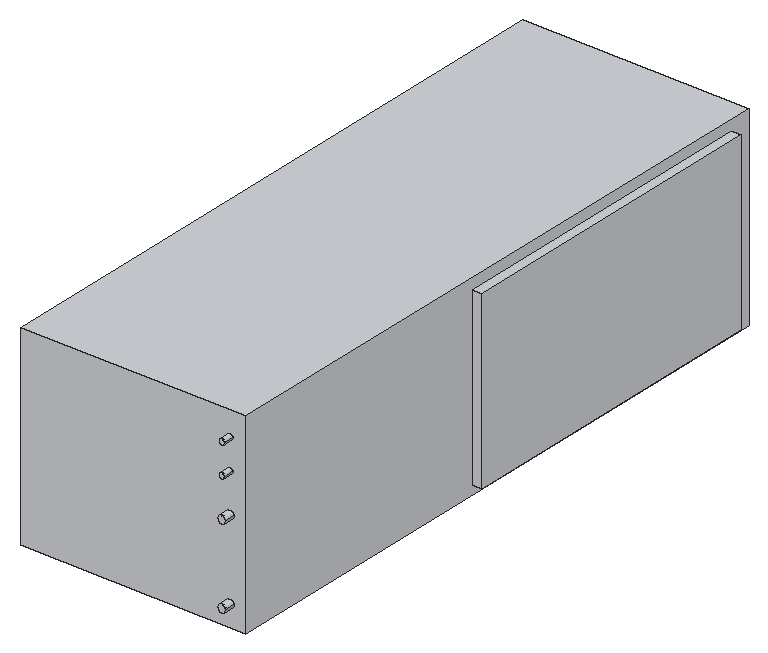
Revit family "0320ab364cc34272a7d991650b26869b", category Mechanical Equipment, Revit 2021
Family settings
  Round Connector Dimension = Use Radius
  Part Type = Normal
  OmniClass Number = 23.75.10.21.17
  OmniClass Title = Water-Source Heat Pumps
  Seek Item ID = WSHP - Horizontal - High Efficiency - 2-5 Tons - Right Return - Left Discharge-0000-USA-ENU
  Work Plane-Based = No
  Always vertical = Yes
  Cut with Voids When Loaded = No
  Shared = No
  Room Calculation Point = No
Parameters (values of type "2 Tons")
  Water Supply Radius = 3/8"
  Water Supply Diameter = Water Supply Radius * 2  # 3/4"
  Water Return Radius = 3/8"
  Water Return Diameter = Water Return Radius * 2  # 3/4"
  Water Pressure Drop [instance] = 3.50 psi
  Water Flow [instance] = 8 GPM
  Voltage = 208 V
  Supply Air Width = 15 1/2"
  Supply Air Height = 12 1/2"
  Return Air Height = 17 77/256"
  Return Air Width = 32 13/128"
  Pump Width = 5' - 2 51/256"
  Pump Material = none
  Pump Length = 1' - 10 51/128"
  Pump Height = 1' - 7 77/256"
  Number of Poles = 3
  Load Classification = Cooling
  Hot Water Supply Radius = 1/4"
  Hot Water Supply Diameter = Hot Water Supply Radius * 2  # 1/2"
  Hot Water Return Radius = 1/4"
  Hot Water Return Diameter = Hot Water Return Radius * 2  # 1/2"
  Hot Water Flow [instance] = 5 GPM
  Drain Flow [instance] = 0 GPM
  Default Elevation = 0' - 0"
  Condensate Radius = 3/8"
  Condensate Diameter = Condensate Radius * 2  # 3/4"
  C6 Offset 1 = 0' - 2 51/256"
  C5 Offset 2 = 0' - 3 77/128"
  C5 Offset 1 = 0' - 2"
  C4 Offset 1 = 1' - 1 115/128"
  C3 Offset 1 = 1' - 4 115/128"
  C2 Offset 1 = 0' - 10"
  C1 Offset 1 = 0' - 2 13/128"
  Apparent Load = 3952 VA
  External Static Pressure [instance] = 0.60 in-wg
  Air Flow [instance] = 800 CFM
Types (5): name | Water Supply Radius | Water Supply Diameter | Water Return Radius | Water Return Diameter | Water Pressure Drop | Water Flow | Supply Air Width | Supply Air Height | Return Air Height | Return Air Width | Pump Width | Pump Length | Pump Height | Hot Water Flow | C5 Offset 2 | C5 Offset 1 | C4 Offset 1 | C3 Offset 1 | C2 Offset 1 | C1 Offset 1 | Apparent Load | External Static Pressure | Air Flow
  (no name) | 3/8" | 3/4" | 3/8" | 3/4" | 3.50 psi | 8 GPM | 15 1/2" | 12 1/2" | 17 77/256" | 32 13/128" | 5' - 2 51/256" | 1' - 10 51/128" | 1' - 7 77/256" | 5 GPM | 0' - 3 77/128" | 0' - 2" | 1' - 1 115/128" | 1' - 4 115/128" | 0' - 10" | 0' - 2 13/128" | 3952 VA | 0.60 in-wg | 800 CFM
  2 Tons | 3/8" | 3/4" | 3/8" | 3/4" | 3.50 psi | 8 GPM | 15 1/2" | 12 1/2" | 17 77/256" | 32 13/128" | 5' - 2 51/256" | 1' - 10 51/128" | 1' - 7 77/256" | 5 GPM | 0' - 3 77/128" | 0' - 2" | 1' - 1 115/128" | 1' - 4 115/128" | 0' - 10" | 0' - 2 13/128" | 3952 VA | 0.60 in-wg | 800 CFM
  3 Tons | 3/8" | 3/4" | 3/8" | 3/4" | 4.50 psi | 9 GPM | 17 1/2" | 19" | 19 77/256" | 36 13/128" | 5' - 11 51/256" | 2' - 1 51/128" | 1' - 9 77/256" | 8 GPM | 0' - 3 13/128" | 0' - 1" | 1' - 2 77/128" | 1' - 6 115/128" | 0' - 10 205/256" | 0' - 5 123/128" | 5283 VA | 0.60 in-wg | 1200 CFM
  4 Tons | 1/2" | 1" | 1/2" | 1" | 3.60 psi | 12 GPM | 17 1/2" | 19" | 19 77/256" | 41 13/128" | 6' - 4 51/256" | 2' - 1 51/128" | 1' - 9 77/256" | 10 GPM | 0' - 3 13/128" | 0' - 1" | 1' - 3 77/128" | 1' - 6 115/128" | 0' - 10 205/256" | 0' - 5 123/128" | 6780 VA | 0.80 in-wg | 1600 CFM
  5 Tons | 1/2" | 1" | 1/2" | 1" | 3.60 psi | 15 GPM | 17 1/2" | 19" | 19 77/256" | 46 13/128" | 6' - 9 51/256" | 2' - 1 51/128" | 1' - 9 77/256" | 13 GPM | 0' - 3 13/128" | 0' - 1" | 1' - 3 77/128" | 1' - 6 115/128" | 0' - 10 205/256" | 0' - 5 123/128" | 7696 VA | 0.80 in-wg | 2000 CFM
Reference planes (in)
  plane 1 "Center (Front/Back)": y = 0
  plane 2: z = 0
  plane 3 "Center (Left/Right)": x = 0
  plane 4: y = 62.19922
  plane 5: x = 22.39844
  plane 6: z = 19.30078
  plane 7: y = 60
  plane 8: y = 27.89844
  plane 9: z = 9.65039
  plane 10: z = 18.30078
  plane 11: z = 1
  plane 12: y = 63.19922
  plane 13: z = 3.4
  plane 14: z = 3.4
  plane 15: x = 20.14844
  plane 16: z = 14.30078
  plane 17: x = 1.6
  plane 18: x = 20.79844
  plane 19: z = 2.10156
  plane 20: z = 10
  plane 21: z = 13.89844
  plane 22: z = 16.89844
  plane 23: y = -1
  plane 24: x = 23.39844
  plane 25: y = 58.59766
  plane 26: y = 43.09766
  plane 27: z = 17.30078
  plane 28: z = 4.80078
  plane 29: x = -1
Forms (in)
  Extrusion 1, solid, material <- "Pump Material"
    sketch origin (0, 0, 0) x (1, 0, 0) y (0, 1, 0)
      loop
        line (0, 0) -> (22.39844, 0) -> (22.39844, 62.19922) -> (0, 62.19922) -> (0, 0)
    from 0 to 19.30078
  Extrusion 2, solid, material <- "Pump Material"
    sketch origin (0, 0, 0) x (1, 0, 0) y (0, 0, 1)
      loop
        circle (20.14844, 3.4) r 0.375
    from -63.19922 to -62.19922
  Extrusion 3, solid, material <- "Pump Material"
    sketch origin (0, 0, 0) x (1, 0, 0) y (0, 0, 1)
      loop
        circle (20.79844, 2.10156) r 0.375
    from 0 to 1
  Extrusion 4, solid, material <- "Pump Material"
    sketch origin (0, 0, 0) x (1, 0, 0) y (0, 0, 1)
      loop
        circle (20.79844, 10) r 0.375
    from 0 to 1
  Extrusion 5, solid, material <- "Pump Material"
    sketch origin (0, 0, 0) x (1, 0, 0) y (0, 0, 1)
      loop
        circle (20.79844, 13.89844) r 0.25
    from 0 to 1
  Extrusion 6, solid, material <- "Pump Material"
    sketch origin (0, 0, 0) x (1, 0, 0) y (0, 0, 1)
      loop
        circle (20.79844, 16.89844) r 0.25
    from 0 to 1
  Extrusion 7, solid, material <- "Pump Material"
    sketch origin (0, 0, 0) x (0, 1, 0) y (0, 0, 1)
      loop
        line (60, 18.30078) -> (27.89844, 18.30078) -> (27.89844, 1) -> (60, 1) -> (60, 18.30078)
    from 22.39844 to 23.39844
  Extrusion 8, solid, material <- "Pump Material"
    sketch origin (0, 0, 0) x (1, 0, 0) y (0, 0, 1)
      loop
        circle (1.6, 14.30078) r 1
    from -1 to 0
  Extrusion 9, solid, material <- "Pump Material"
    sketch origin (0, 0, 0) x (0, 1, 0) y (0, 0, 1)
      loop
        line (58.59766, 17.30078) -> (43.09766, 17.30078) -> (43.09766, 4.80078) -> (58.59766, 4.80078) -> (58.59766, 17.30078)
    from -1 to 0
  Extrusion 10, solid, material <- "Pump Material"
    sketch origin (0, 0, 0) x (1, 0, 0) y (0, 0, 1)
      loop
        circle (1.6, 14.30078) r 1
    from -1 to 0
Cuts and joins
  joined: Extrusion 1, Extrusion 2, Extrusion 3, Extrusion 4, Extrusion 5, Extrusion 6, Extrusion 7, Extrusion 8, Extrusion 9, Extrusion 10
Dimensions and locks (in)
  "Pump Width": plane 4 to plane 1 "Center (Front/Back)"
  "Pump Length": plane 3 "Center (Left/Right)" to plane 5
  "Pump Height": plane 6 to level
  "C6 Offset 1": plane 4 to plane 7
  "Return Air Width": plane 7 to plane 8
  equal spacing: plane 11, plane 9, plane 10
  locked: plane 12 to plane 4 at 1
  locked: plane 2 to plane 14 at 3.4
  locked: plane 5 to plane 15 at 2.25
  locked: plane 17 to plane 3 "Center (Left/Right)" at 1.6
  locked: plane 6 to plane 16 at 5
  locked: plane 18 to plane 5 at 1.6
  "C1 Offset 1": plane 19 to plane 2
  "C2 Offset 1": plane 20 to level
  "C4 Offset 1": plane 21 to level
  "C3 Offset 1": plane 22 to level
  locked: plane 23 to plane 1 "Center (Front/Back)" at 1
  locked: plane 5 to plane 24 at 1
  "C5 Offset 2": plane 4 to plane 25
  "Supply Air Width": plane 25 to plane 26
  "C5 Offset 1": plane 6 to plane 27
  "Supply Air Height": plane 27 to plane 28
  locked: plane 29 to plane 3 "Center (Left/Right)" at 1
  equal spacing: plane 6, plane 9, level
  "Return Air Height": plane 10 to plane 11
  "Condensate Radius": radius of Extrusion 2 sketch curve
  "Water Supply Radius": radius of Extrusion 3 sketch curve
  "Water Return Radius": radius of Extrusion 4 sketch curve
  "Hot Water Return Radius": radius of Extrusion 5 sketch curve
  "Hot Water Supply Radius": radius of Extrusion 6 sketch curve
  aligned and locked: plane 3 "Center (Left/Right)" to Extrusion 1 sketch curve
  aligned and locked: plane 1 "Center (Front/Back)" to Extrusion 1 sketch curve
  aligned and locked: plane 4 to Extrusion 1 sketch curve
  aligned and locked: plane 5 to Extrusion 1 sketch curve
  aligned and locked: plane 6 to Extrusion 1
  aligned and locked: Extrusion 1 to level
  aligned and locked: Extrusion 2 to plane 4
  aligned and locked: plane 14 to Extrusion 2 sketch curve
  aligned and locked: plane 15 to Extrusion 2 sketch curve
  aligned and locked: plane 19 to Extrusion 3 sketch curve
  aligned and locked: plane 18 to Extrusion 3 sketch curve
  aligned and locked: plane 18 to Extrusion 4 sketch curve
  aligned and locked: plane 20 to Extrusion 4 sketch curve
  aligned and locked: plane 18 to Extrusion 5 sketch curve
  aligned and locked: plane 21 to Extrusion 5 sketch curve
  aligned and locked: plane 18 to Extrusion 6 sketch curve
  aligned and locked: plane 22 to Extrusion 6 sketch curve
  aligned and locked: Extrusion 6 to plane 23
  aligned and locked: Extrusion 5 to Extrusion 6
  aligned and locked: Extrusion 4 to Extrusion 5
  aligned and locked: Extrusion 3 to Extrusion 4  (x2)
  aligned and locked: Extrusion 3 to plane 1 "Center (Front/Back)"
  aligned and locked: Extrusion 3 to Extrusion 1
  aligned and locked: Extrusion 6 to plane 1 "Center (Front/Back)"
  aligned and locked: plane 7 to Extrusion 7 sketch curve
  aligned and locked: plane 10 to Extrusion 7 sketch curve
  aligned and locked: plane 11 to Extrusion 7 sketch curve
  aligned and locked: plane 8 to Extrusion 7 sketch curve
  aligned and locked: plane 24 to Extrusion 7
  aligned and locked: Extrusion 7 to plane 5
  aligned and locked: plane 17 to Extrusion 8 sketch curve
  aligned and locked: plane 16 to Extrusion 8 sketch curve
  aligned and locked: plane 1 "Center (Front/Back)" to Extrusion 8
  aligned and locked: plane 25 to Extrusion 9 sketch curve
  aligned and locked: plane 27 to Extrusion 9 sketch curve
  aligned and locked: plane 28 to Extrusion 9 sketch curve
  aligned and locked: plane 26 to Extrusion 9 sketch curve
  aligned and locked: Extrusion 9 to plane 29
  aligned and locked: plane 3 "Center (Left/Right)" to Extrusion 9
  aligned and locked: plane 16 to Extrusion 10 sketch curve
  aligned and locked: plane 17 to Extrusion 10 sketch curve
  aligned and locked: plane 1 "Center (Front/Back)" to Extrusion 10
  aligned and locked: plane 12 to cut or joined group 1 (Extrusion 1, Extrusion 2, Extrusion 3, Extrusion 4, Extrusion 5, Extrusion 6, Extrusion 7, Extrusion 8, Extrusion 9, Extrusion 10)
Automatic sketch dimensions
  radius of Extrusion 8 sketch curve = 0' - 1"
  radius of Extrusion 10 sketch curve = 0' - 1"
Connectors (in)
  piping at (20.79844, -1, 2.10156), diameter 0.75, driven by "Water Supply Radius", driven by "Water Flow"
    settings: on Extrusion 3, index 1, connector inside diameter 3/4", connector length 0' - 0", flow factor 0, pipe flow 8 GPM, pressure drop 0.00 psi, fitting loss kfactor 0, connector angle 0.00°, fixture units 0, engagement length 0' - 0", angle of deflection 0.00°, flow configuration 1, flow direction 1, fitting loss method 4, system type 7, joint type 0, gender type 0, connector reference index 2, connector utility 0, adjustable connector no, is connector primary yes, connector description "Water Supply In"
  piping at (20.79844, -1, 10), diameter 0.75, driven by "Water Return Radius", driven by "Water Flow", driven by "Water Pressure Drop"
    settings: on Extrusion 4, index 2, connector inside diameter 3/4", connector length 0' - 0", flow factor 0, pipe flow 8 GPM, pressure drop 3.50 psi, fitting loss kfactor 0, connector angle 0.00°, fixture units 0, engagement length 0' - 0", angle of deflection 0.00°, flow configuration 1, flow direction 2, fitting loss method 4, system type 8, joint type 0, gender type 0, connector reference index 1, connector utility 0, adjustable connector no, is connector primary no, connector description "Water Return Out"
  piping at (20.79844, -1, 16.89844), diameter 0.5, driven by "Hot Water Flow", driven by "Hot Water Supply Radius"
    settings: on Extrusion 6, index 3, connector inside diameter 1/2", connector length 0' - 0", flow factor 0, pipe flow 5 GPM, pressure drop 0.00 psi, fitting loss kfactor 0, connector angle 0.00°, fixture units 0, engagement length 0' - 0", angle of deflection 0.00°, flow configuration 0, flow direction 2, fitting loss method 0, system type 7, joint type 0, gender type 0, connector reference index 4, connector utility 0, adjustable connector no, is connector primary no, connector description "Hot Water Supply Out"
  piping at (20.79844, -1, 13.89844), diameter 0.5, driven by "Hot Water Return Radius", driven by "Hot Water Flow"
    settings: on Extrusion 5, index 4, connector inside diameter 1/2", connector length 0' - 0", flow factor 0, pipe flow 5 GPM, pressure drop 0.00 psi, fitting loss kfactor 0, connector angle 0.00°, fixture units 0, engagement length 0' - 0", angle of deflection 0.00°, flow configuration 0, flow direction 1, fitting loss method 0, system type 8, joint type 0, gender type 0, connector reference index 3, connector utility 0, adjustable connector no, is connector primary no, connector description "Hot Water Return In"
  hvac at (-1, 50.84766, 11.05078), driven by "Air Flow", driven by "Supply Air Height", driven by "Supply Air Width"
    settings: on Extrusion 9, index 5, duct flow 800 CFM, flow factor 0, pres drop 0.00 in-wg, loss coef 0, conn angle 0.00°, conn width 15 1/2", conn height 12 1/2", conn diameter 24", duct sys type 1, conn prof type 1, flow config 0, flow direction 2, loss method 0, conn ref index 6, conn util no, is conn primary yes, conn desc ""
  hvac at (23.39844, 43.94922, 9.65039), driven by "Air Flow", driven by "Return Air Height", driven by "Return Air Width"
    settings: on cut or joined group 1, index 6, duct flow 800 CFM, flow factor 0, pres drop 0.00 in-wg, loss coef 0, conn angle 0.00°, conn width 32 13/128", conn height 17 77/256", conn diameter 24", duct sys type 2, conn prof type 1, flow config 0, flow direction 1, loss method 0, conn ref index 5, conn util no, is conn primary no, conn desc ""
  piping at (20.14844, 63.19922, 3.4), diameter 0.75, driven by "Condensate Radius", driven by "Drain Flow"
    settings: on cut or joined group 1, index 7, connector inside diameter 3/4", connector length 0' - 0", flow factor 0, pipe flow 0 GPM, pressure drop 0.00 psi, fitting loss kfactor 0, connector angle 0.00°, fixture units 0, engagement length 0' - 0", angle of deflection 0.00°, flow configuration 1, flow direction 2, fitting loss method 0, system type 16, joint type 0, gender type 0, connector reference index -1, connector utility 0, adjustable connector yes, is connector primary no, connector description "Condensate Out"
  electrical at (1.6, 0, 14.30078), driven by "Apparent Load", driven by "Voltage", driven by "Number of Poles", driven by "Load Classification"
    settings: on Extrusion 10, index 8, voltage 208 V, apparent load 3952 VA, apparent load phase1 0 VA, apparent load phase2 0 VA, apparent load phase3 0 VA, power factor 0.8, load classification "Cooling", number of poles 3, system type 30, power factor state 1, is connector primary yes, connector utility no, sub classification motor no, connector description ""
